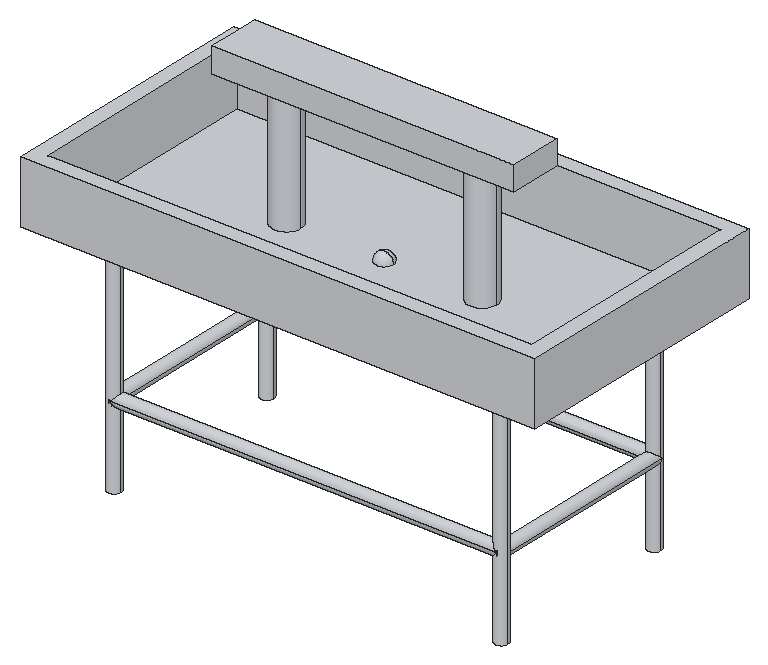
Revit family "CWIS-6", category Plumbing Fixtures, Revit 2015
Parameters
  URL = "https://www.willoughby-ind.com/wp-content/uploads/2018/01/CWIS-1.pdf"
  Revision = "A"
  Model = "CWIS-6"
  Manufacturer = "Willoughby Industries"
  Description = "58\" Island Sink, 6 Station"
  Contact Info = "(800) 428-4065"
Reference planes (in)
  plane 1 "Center (Front/Back)": y = 0
  plane 2: z = 0
  plane 3 "Center (Left/Right)": x = 0
Forms (in)
  Extrusion 1, solid
    sketch origin (0, -98.59344, 0) x (1, 0, 0) y (0, 1, 0)
      loop
        circle (9.356, 109.35344) r 0.75
      loop
        circle (9.356, 87.84344) r 0.75
      loop
        circle (52.981, 109.35344) r 0.75
      loop
        circle (52.981, 87.84344) r 0.75
    from 0 to 25.72656
  Extrusion 2, solid
    sketch origin (0, 0, 0) x (1, 0, 0) y (0, 0, 1)
      loop
        line (53.031, 25.72656) -> (55.281, 25.72656) -> (55.281, 24.72656) -> (55.356, 24.72656) -> (55.356, 25.80156) -> (53.031, 25.80156) -> (50.706, 25.80156) -> (50.706, 24.72656) -> (50.781, 24.72656) -> (50.781, 25.72656) -> (53.031, 25.72656)
      loop
        line (39.8435, 25.72656) -> (42.0935, 25.72656) -> (42.0935, 24.72656) -> (42.1685, 24.72656) -> (42.1685, 25.80156) -> (39.8435, 25.80156) -> (37.5185, 25.80156) -> (37.5185, 24.72656) -> (37.5935, 24.72656) -> (37.5935, 25.72656) -> (39.8435, 25.72656)
      loop
        line (9.306, 25.72656) -> (11.556, 25.72656) -> (11.556, 24.72656) -> (11.631, 24.72656) -> (11.631, 25.80156) -> (9.306, 25.80156) -> (6.981, 25.80156) -> (6.981, 24.72656) -> (7.056, 24.72656) -> (7.056, 25.72656) -> (9.306, 25.72656)
      loop
        line (22.4935, 25.72656) -> (24.7435, 25.72656) -> (24.7435, 24.72656) -> (24.8185, 24.72656) -> (24.8185, 25.80156) -> (22.4935, 25.80156) -> (20.1685, 25.80156) -> (20.1685, 24.72656) -> (20.2435, 24.72656) -> (20.2435, 25.72656) -> (22.4935, 25.72656)
    from -13 to 13
  Extrusion 3, solid
    sketch origin (0, 0, 0) x (1, 0, 0) y (0, 0, 1)
      loop
        line (2.1685, 25.80156) -> (60.1685, 25.80156) -> (60.1685, 32.87656) -> (2.1685, 32.87656) -> (2.1685, 25.80156)
    from -15 to 15
  Extrusion 4, void
    sketch origin (0, 0, 0) x (1, 0, 0) y (0, 1, 0)
      loop
        line (58.4185, -13.25) -> (58.4185, 13.25) -> (3.9185, 13.25) -> (3.9185, -13.25) -> (58.4185, -13.25)
    from 26 to 33
  Extrusion 5, solid
    sketch origin (0, 0, 0) x (1, 0, 0) y (0, 1, 0)
      loop
        circle (20.1685, 0) r 1.625
      loop
        circle (42.1685, 0) r 1.625
    from 26 to 40.25
  Extrusion 6, solid
    sketch origin (0, 0, 0) x (1, 0, 0) y (0, 1, 0)
      loop
        line (14.1685, 0) -> (14.1685, -3) -> (48.1685, -3) -> (48.1685, 3) -> (14.1685, 3) -> (14.1685, 0)
    from 43 to 40.25
  Revolve 7, solid
    sketch origin (0, 0, 0) x (1, 0, 0) y (0, 0, 1)
      loop
        arc (31.1685, 27) -> (30.46139, 26.70711) -> (30.1685, 26) r 1
        line (30.1685, 26) -> (31.1685, 26) -> (31.1685, 27)
      axis (31.1685, 26) -> (31.1685, 27)
    angle from 0 to 360
  Extrusion 8, solid
    sketch origin (0, 0, 0) x (1, 0, 0) y (0, 1, 0)
      loop
        circle (31.1685, 0) r 1
    from 25.875 to 21.875
  Extrusion 9, solid
    sketch origin (0, 0, 0) x (0, 1, 0) y (0, 0, 1)
      loop
        circle (10.76, 9.25) r 0.75
      loop
        circle (-10.75, 9.25) r 0.75
    from 9.375 to 53
  Extrusion 10, solid
    sketch origin (0, 0, 0) x (1, 0, 0) y (0, 0, 1)
      loop
        circle (9.306, 9.25) r 0.75
      loop
        circle (53.031, 9.25) r 0.75
    from -10.75 to 10.75
Cuts and joins
  Extrusion 4 cuts Extrusion 3
Dimensions and locks (in)
  aligned and locked: level to plane 2
  aligned and locked: Extrusion 2 sketch curve to Extrusion 2 sketch curve  (x4)
  aligned and locked: Revolve 7 sketch curve to Revolve 7 sketch curve  (x2)
